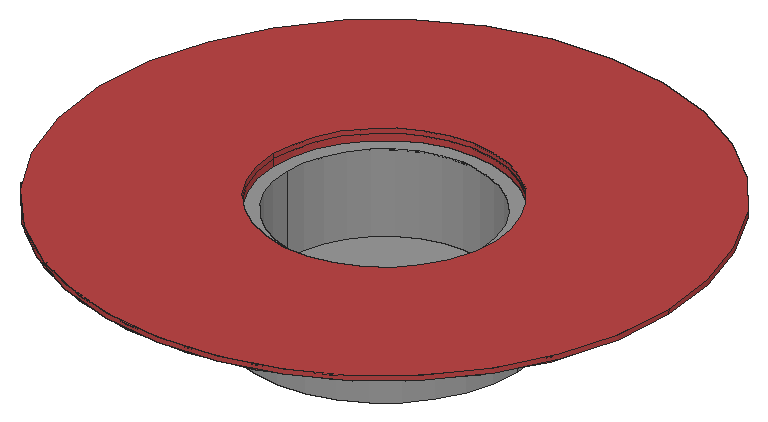
Revit family "tethys tavolo", category Arredi, Revit 2017
Family settings
  Numero OmniClass = 23.40.20.00
  Titolo OmniClass = General Furniture and Specialties
  Basato su piano di lavoro = No
  Sempre verticale = Sì
  Taglio con vuoti quando caricato = No
  Condiviso = No
  Punto di calcolo locali = No
Parameters (values of type "Senza vassoio")
  Visib Vassoio = no
  URL = "http://www.livingdivani.it"
  Modello = "Tethys"
  Mat. Tessuto = Lino - Beige
  Mat. Struttura = Acciaio - Lucido
  Produttore = "Living Divani  s.r.l."
  Mat. Piano = Marmo
  Mat piedino = Acciaio - Lucido
  Codice Prodotto = "TETV128"
Types (3, lengths in cm): name | Visib Vassoio
  (no name) | no
  Con Vassoio | yes
  Senza vassoio | no
Reference planes (cm)
  plane 1 "Centro (Fronte/Retro)": y = 0
  plane 2: z = 0
  plane 3 "Centro (Sinistra/Destra)": x = 0
  plane 4 "diagonale": through (426.72, 29, 68) normal (0, 0.0613, -0.9981)
  plane 5: z = 25
  plane 6: z = 22.5
  plane 7: z = 24
Forms (cm)
  Extrusion 1, solid, material "Marmo" <- "Mat. Piano"
    sketch origin (0, 0, 39.5) x (0, -1, 0) y (1, 0, 0)
      loop
        circle (0, 0) r 64
    from -15.5 to -14.5
  Blend 2, solid, material "Marmo" <- "Mat. Piano"
    base sketch origin (0, 0, 39.5) x (0, -1, 0) y (1, 0, 0)
      loop
        circle (0, 0) r 58
    top sketch origin (0, 0, 39.5) x (0, -1, 0) y (1, 0, 0)
      loop
        circle (0, 0) r 64
    from -17 to -15.5
  Extrusion 3, void
    sketch origin (0, 0, 0) x (1, 0, 0) y (0, 1, 0)
      loop
        circle (0, 0) r 25
    from 22.5 to 30.8144
  Extrusion 4, solid, material "Acciaio - Lucido" <- "Mat. Struttura"
    sketch origin (0, 0, 0) x (1, 0, 0) y (0, 1, 0)
      loop
        circle (0, 0) r 30
      loop
        circle (0, 0) r 22
    from 0.5 to 22.5
  Extrusion 5, solid, material "Acciaio - Lucido" <- "Mat. Struttura"
    sketch origin (0, 0, 0) x (1, 0, 0) y (0, 1, 0)
      loop
        circle (0, 0) r 22
    from 0.5 to 5
Cuts and joins
  Extrusion 3 cuts Extrusion 1
  Extrusion 3 cuts Blend 2
Dimensions and locks (cm)
  aligned and locked: level to plane 2
  aligned and locked: Extrusion 1 to plane 7
  aligned and locked: plane 5 to Extrusion 1
Nested families (cm)
  nested 1: "tethys vassoio" at (0, 0, 23), visible <- "Visib Vassoio", type "Diam_49"
  nested 2: "piedino tavolino floyd" at (-23.75, 0, 0), type "piedino tavolino floyd"
  nested 3: "piedino tavolino floyd" at (23.75, 0, 0) x (-1, 0, 0) z (0, 0, 1), type "piedino tavolino floyd"
  nested 4: "piedino tavolino floyd" at (-11.875, 20.5681, 0) x (0.5, -0.866, 0) z (0, 0, 1), type "piedino tavolino floyd"
  nested 5: "piedino tavolino floyd" at (11.875, -20.5681, 0) x (-0.5, 0.866, 0) z (0, 0, 1), type "piedino tavolino floyd"
  nested 6: "piedino tavolino floyd" at (16.7938, 16.7938, 0) x (-0.7071, -0.7071, 0) z (0, 0, 1), type "piedino tavolino floyd"
  nested 7: "piedino tavolino floyd" at (-16.7938, -16.7938, 0) x (0.7071, 0.7071, 0) z (0, 0, 1), type "piedino tavolino floyd"
Definition of nested family "tethys vassoio"
  Parameters (values of type "Diam_49")
    URL = "http://www.livingdivani.it"
    Model = "Maja D Armchair"
    Mat. Tessuto = none
    Mat. Struttura = none
    Manufacturer = "LivingDivani"
    Mat. Piano = none
    Diam_49 = yes
    Diam_39 = no
    Codice Prodotto = "MAJVP058C\r\nMAJVP058C\r\nMAJVP058C"
  Types (3, lengths in cm): name | Diam_49 | Diam_39
    (no name) | yes | no
    Diam_39 | no | yes
    Diam_49 | yes | no
  Reference planes (cm)
    plane 1 "Centro (Fronte/Retro)": y = 0
    plane 2: z = 0
    plane 3 "Centro (Sinistra/Destra)": x = 0
    plane 4 "diagonale": through (426.72, 29, 68) normal (0, 0.0613, -0.9981)
    plane 5: z = 4.5
    plane 6: z = 0.5
    plane 7: z = 0.9
  Forms (cm)
    Extrusion 1, solid, material <- "Mat. Struttura", visible <- "Diam_49"
      sketch origin (0, 0, 0) x (1, 0, 0) y (0, 1, 0)
        loop
          circle (0, 0) r 24.5
        loop
          circle (0, 0) r 24.1
      from 0.9 to 4.5
    Extrusion 2, solid, material <- "Mat. Struttura", visible <- "Diam_49"
      sketch origin (0, 0, 0) x (1, 0, 0) y (0, 1, 0)
        loop
          circle (0, 0) r 24.5
      from 0.5 to 0.9
    Sweep 3, void
      path in 3D
        loop
          arc (24.5, 0, 0.5) -> (0, 24.5, 0.5) -> (-24.5, 0, 0.5) r 24.5
          arc (-24.5, 0, 0.5) -> (0, -24.5, 0.5) -> (24.5, 0, 0.5) r 24.5
      profile "Bordo arrotondato 0,4cm : Bordo arrotondato 0,4cm" origin (0, -24.5, 0.5) x (0, -1, 0) y (0, 0, -1)
        loop
          line (0, 0) -> (-0.4, 0)
          arc (-0.4, 0) -> (-0.1172, -0.1172) -> (0, -0.4) r 0.4
          line (0, -0.4) -> (0, 0)
    Extrusion 4, solid, material <- "Mat. Struttura", visible <- "Diam_39"
      sketch origin (0, 0, 0) x (1, 0, 0) y (0, 1, 0)
        loop
          circle (0, 0) r 19.5
        loop
          circle (0, 0) r 19.1
      from 0.9 to 4.5
    Extrusion 5, solid, material <- "Mat. Struttura", visible <- "Diam_39"
      sketch origin (0, 0, 0) x (1, 0, 0) y (0, 1, 0)
        loop
          circle (0, 0) r 19.5
      from 0.5 to 0.9
    Extrusion 6, solid, material <- "Mat. Struttura", visible <- "Diam_39"
      sketch origin (0, -200, 0) x (1, 0, 0) y (0, 1, 0)
        loop
          circle (0, 214) r 1
      from 0 to 0.5
    Extrusion 7, solid, material <- "Mat. Struttura", visible <- "Diam_39"
      sketch origin (0, 200, 0) x (1, 0, 0) y (0, 1, 0)
        loop
          circle (0, -214) r 1
      from 0 to 0.5
    Extrusion 8, solid, material <- "Mat. Struttura", visible <- "Diam_39"
      sketch origin (-14, -214, 0) x (1, 0, 0) y (0, 1, 0)
        loop
          circle (0, 214) r 1
      from 0 to 0.5
    Extrusion 9, solid, material <- "Mat. Struttura", visible <- "Diam_39"
      sketch origin (14, -214, 0) x (-1, 0, 0) y (0, -1, 0)
        loop
          circle (0, -214) r 1
      from 0 to 0.5
    Sweep 10, void
      path in 3D
        loop
          arc (19.5, 0, 0.5) -> (0, 19.5, 0.5) -> (-19.5, 0, 0.5) r 19.5
          arc (-19.5, 0, 0.5) -> (0, -19.5, 0.5) -> (19.5, 0, 0.5) r 19.5
      profile "Bordo arrotondato 0,4cm : Bordo arrotondato 0,4cm" origin (0, -19.5, 0.5) x (0, -1, 0) y (0, 0, -1)
        loop
          line (0, 0) -> (-0.4, 0)
          arc (-0.4, 0) -> (-0.1172, -0.1172) -> (0, -0.4) r 0.4
          line (0, -0.4) -> (0, 0)
    Extrusion 11, solid, material <- "Mat. Struttura", visible <- "Diam_49"
      sketch origin (0, 0, 0) x (1, 0, 0) y (0, 1, 0)
        loop
          circle (0, 20) r 1
      from 0 to 0.5
    Extrusion 12, solid, material <- "Mat. Struttura", visible <- "Diam_49"
      sketch origin (-20, -20, 0) x (1, 0, 0) y (0, 1, 0)
        loop
          circle (0, 20) r 1
      from 0 to 0.5
    Extrusion 13, solid, material <- "Mat. Struttura", visible <- "Diam_49"
      sketch origin (0, 0, 0) x (1, 0, 0) y (0, 1, 0)
        loop
          circle (0, -20) r 1
      from 0 to 0.5
    Extrusion 14, solid, material <- "Mat. Struttura", visible <- "Diam_49"
      sketch origin (20, -20, 0) x (-1, 0, 0) y (0, -1, 0)
        loop
          circle (0, -20) r 1
      from 0 to 0.5
  Cuts and joins
    Sweep 3 cuts Extrusion 2
    Sweep 10 cuts Extrusion 5
  Lines and regions (cm)
    sketch lines
      curve 1: arc (-24.5, 0, 0.5) -> (0, -24.5, 0.5) -> (24.5, 0, 0.5) r 24.5
      curve 2: arc (24.5, 0, 0.5) -> (0, 24.5, 0.5) -> (-24.5, 0, 0.5) r 24.5
      curve 3: arc (-19.5, 0, 0.5) -> (0, -19.5, 0.5) -> (19.5, 0, 0.5) r 19.5
      curve 4: arc (19.5, 0, 0.5) -> (0, 19.5, 0.5) -> (-19.5, 0, 0.5) r 19.5
  Dimensions and locks (cm)
    aligned and locked: level to plane 2
    aligned and locked: Extrusion 1 to plane 7
    aligned and locked: plane 5 to Extrusion 1
    aligned and locked: Extrusion 2 to plane 6
    aligned and locked: plane 7 to Extrusion 2
    aligned and locked: Extrusion 6 to plane 2
    aligned and locked: plane 6 to Extrusion 6
    aligned and locked: Extrusion 11 to plane 2
    aligned and locked: plane 6 to Extrusion 11
Definition of nested family "piedino tavolino floyd"
  Parameters (values of type "piedino tavolino floyd")
    Mat. Struttura = none
  Reference planes (cm)
    plane 1 "Centro (Fronte/Retro)": y = 0
    plane 2: z = 0
    plane 3 "Centro (Sinistra/Destra)": x = 0
  Forms (cm)
    Revolve 1, solid, material <- "Mat. Struttura"
      sketch origin (0, 0, 0) x (1, 0, 0) y (0, 0, 1)
        loop
          line (0, 0) -> (0, 0.5) -> (-1.25, 0.5) -> (-1.25, 0.1)
          arc (-1.25, 0.1) -> (-1.2207, 0.0293) -> (-1.15, 0) r 0.1
          line (-1.15, 0) -> (0, 0)
        axis (0, 0.5) -> (0, 0)
      angle from 0 to 360
  Dimensions and locks (cm)
    aligned and locked: level to plane 2
